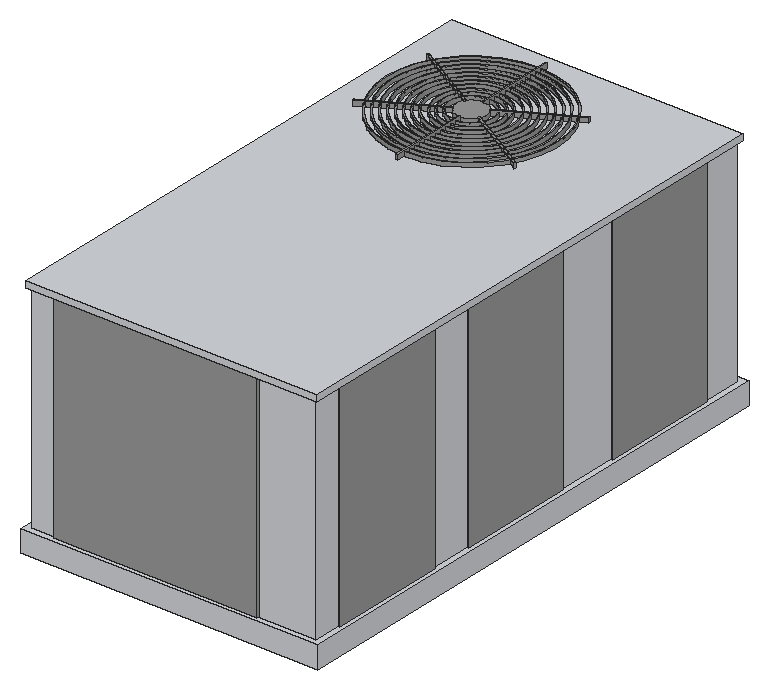
Revit family "RTU-2", category Mechanical Equipment, host Face, Revit 2025
Family settings
  Host = Face
  Round Connector Dimension = Use Diameter
  Classification = None
  Part Type = Normal
  Cut with Voids When Loaded = No
  Maintain Annotation Orientation = No
  Shared = No
  Room Calculation Point = No
Parameters (values of type "LCH 072 H4E E 1Y")
  Width = 47"
  URL = "https://tech.lennoxintl.com/C03e7o14l/VIu12Ch2uV/ehb_lch_abox_2103.pdf"
  Model = "LCH 072 H4E E 1Y"
  Manufacturer = "LENNOX"
  Length = 85 1/4"
  Grill Material = Steel, Paint Finish, Dark Gray
  Default Elevation = 48"
Reference planes (in)
  plane 1 "Center (Front/Back)": y = 0
  plane 2: z = 0
  plane 3 "Center (Left/Right)": x = 0
  plane 4: x = -30.90625
  plane 5: x = -31.90625
  plane 6: x = -32.90625
  plane 7: x = -33.90625
  plane 8: x = -34.90625
  plane 9: x = -35.90625
  plane 10: x = -36.90625
  plane 11: x = -37.90625
  plane 12: x = -38.90625
  plane 13: x = -39.90625
  plane 14: x = -40.90625
  plane 15: x = -42.34375
  plane 16: x = -41.03125
  plane 17: x = -41.90625
  plane 18: x = -41.90567
  plane 19: y = 22.75058
  plane 20: y = 21.75058
  plane 21: y = 20.75058
  plane 22: y = 19.75058
  plane 23: y = 18.75058
  plane 24: y = 17.75058
  plane 25: y = 16.75058
  plane 26: y = 15.75058
  plane 27: y = 14.75058
  plane 28: y = 13.75058
  plane 29: y = 12.75058
  plane 30: y = 11.31308
  plane 31: y = 12.62558
  plane 32: y = 11.75058
  plane 33: y = 11.75117
  plane 34: through (-19.01548, 19.50279, 94.70355) normal (0.866, 0.5, 0)
  plane 35: through (-17.13782, 18.87558, 94.70355) normal (-0.866, -0.5, 0)
  plane 36: through (6.39048, 19.50279, 94.70355) normal (0.866, -0.5, 0)
  plane 37: through (4.51282, 18.87558, 94.70355) normal (-0.866, 0.5, 0)
  plane 38: y = 38.93808
  plane 39: y = 37.62558
  plane 40: through (-19.01548, 30.74838, 94.70355) normal (-0.866, 0.5, 0)
  plane 41: through (-17.13782, 31.37558, 94.70355) normal (0.866, -0.5, 0)
  plane 42: through (6.39048, 30.74838, 94.70355) normal (-0.866, -0.5, 0)
  plane 43: through (4.51282, 31.37558, 94.70355) normal (0.866, 0.5, 0)
  plane 44: through (-34.15405, 50.35923, 110.75) normal (0.5, -0.866, 0)
  plane 45: through (-34.78125, 48.48157, 110.75) normal (-0.5, 0.866, 0)
  plane 46: through (-34.15405, 24.95327, 110.75) normal (-0.5, -0.866, 0)
  plane 47: through (-34.78125, 26.83093, 110.75) normal (0.5, 0.866, 0)
  plane 48: x = -14.71875
  plane 49: x = -16.03125
  plane 50: through (-22.90845, 50.35923, 110.75) normal (0.5, 0.866, 0)
  plane 51: through (-22.28125, 48.48157, 110.75) normal (-0.5, -0.866, 0)
  plane 52: through (-22.90845, 24.95327, 110.75) normal (-0.5, 0.866, 0)
  plane 53: through (-22.28125, 26.83093, 110.75) normal (0.5, -0.866, 0)
  plane 54: y = 16.875
  plane 55: x = 14
  plane 56: y = -16.125
  plane 57: x = 16.875
  plane 58: y = -0.75
  plane 59: x = -8.5
  plane 60: y = -31.75
  plane 61: x = -3
Forms (in)
  Extrusion 1, solid
    sketch origin (0, 0, 0) x (1, 0, 0) y (0, 1, 0)
      loop
        line (-23.5, 42.625) -> (-23.5, -42.625) -> (23.5, -42.625) -> (23.5, 42.625) -> (-23.5, 42.625)
    from 0 to 3.5
  Extrusion 2, solid, material "Steel, Paint Finish, Dark Gray" <- "Grill Material", not visible
    sketch origin (0, 0, 54.625) x (1, 0, 0) y (0, 1, 0)
      loop
        circle (-28.53125, 37.65625) r 2.375
      loop
        circle (-28.53125, 37.65625) r 3.375
      loop
        circle (-28.53125, 37.65625) r 3.5
      loop
        circle (-28.53125, 37.65625) r 4.375
      loop
        circle (-28.53125, 37.65625) r 5.25
      loop
        circle (-28.53125, 37.65625) r 4.5
      loop
        circle (-28.53125, 37.65625) r 5.375
      loop
        circle (-28.53125, 37.65625) r 6.375
      loop
        circle (-28.53125, 37.65625) r 7.375
      loop
        circle (-28.53125, 37.65625) r 9.375
      loop
        circle (-28.53125, 37.65625) r 10.375
      loop
        circle (-28.53125, 37.65625) r 11.375
      loop
        circle (-28.53125, 37.65625) r 12.375
      loop
        circle (-28.53125, 37.65625) r 12.5
      loop
        circle (-28.53125, 37.65625) r 7.5
      loop
        circle (-28.53125, 37.65625) r 9.5
      loop
        circle (-28.53125, 37.65625) r 10.5
      loop
        circle (-28.53125, 37.65625) r 11.5
      loop
        circle (-28.53125, 37.65625) r 8.375
      loop
        circle (-28.53125, 37.65625) r 8.5
      loop
        circle (-28.53125, 37.65625) r 6.5
      loop
        circle (-28.53125, 37.65625) r 13.375
      loop
        circle (-28.53125, 37.65625) r 13.5
    from 0 to 0.625
  Extrusion 3, solid, material "Steel, Paint Finish, Dark Gray" <- "Grill Material", not visible
    sketch origin (0, 0, 55.75) x (1, 0, 0) y (0, 1, 0)
      loop
        line (-43.28067, 37.78125) -> (-43.28067, 37.53125) -> (-30.90296, 37.53125)
        arc (-30.90296, 37.53125) -> (-30.90543, 37.59373) -> (-30.90625, 37.65625) r 2.375
        arc (-30.90625, 37.65625) -> (-30.90543, 37.71877) -> (-30.90296, 37.78125) r 2.375
        line (-30.90296, 37.78125) -> (-43.28067, 37.78125)
    from -1.125 to -0.3427
  Extrusion 4, solid, material "Steel, Paint Finish, Dark Gray" <- "Grill Material"
    sketch origin (31.34375, 53.65683, 38.57855) x (0, 1, 0) y (-1, 0, 0)
      loop
        circle (-28.53125, 37.65625) r 2.375
      loop
        circle (-28.53125, 37.65625) r 3.375
      loop
        circle (-28.53125, 37.65625) r 3.5
      loop
        circle (-28.53125, 37.65625) r 4.375
      loop
        circle (-28.53125, 37.65625) r 5.25
      loop
        circle (-28.53125, 37.65625) r 4.5
      loop
        circle (-28.53125, 37.65625) r 5.375
      loop
        circle (-28.53125, 37.65625) r 6.375
      loop
        circle (-28.53125, 37.65625) r 7.375
      loop
        circle (-28.53125, 37.65625) r 9.375
      loop
        circle (-28.53125, 37.65625) r 10.375
      loop
        circle (-28.53125, 37.65625) r 11.375
      loop
        circle (-28.53125, 37.65625) r 12.375
      loop
        circle (-28.53125, 37.65625) r 12.5
      loop
        circle (-28.53125, 37.65625) r 7.5
      loop
        circle (-28.53125, 37.65625) r 9.5
      loop
        circle (-28.53125, 37.65625) r 10.5
      loop
        circle (-28.53125, 37.65625) r 11.5
      loop
        circle (-28.53125, 37.65625) r 8.375
      loop
        circle (-28.53125, 37.65625) r 8.5
      loop
        circle (-28.53125, 37.65625) r 6.5
      loop
        circle (-28.53125, 37.65625) r 13.375
      loop
        circle (-28.53125, 37.65625) r 13.5
    from 0 to 0.625
  Extrusion 5, solid, material "Steel, Paint Finish, Dark Gray" <- "Grill Material"
    sketch origin (31.34375, 53.65683, 39.70355) x (0, 1, 0) y (-1, 0, 0)
      loop
        line (-43.28067, 37.78125) -> (-43.28067, 37.53125) -> (-30.90296, 37.53125)
        arc (-30.90296, 37.53125) -> (-30.90543, 37.59373) -> (-30.90625, 37.65625) r 2.375
        arc (-30.90625, 37.65625) -> (-30.90543, 37.71877) -> (-30.90296, 37.78125) r 2.375
        line (-30.90296, 37.78125) -> (-43.28067, 37.78125)
    from -1.125 to -0.3427
  Extrusion 6, solid, material "Steel, Paint Finish, Dark Gray" <- "Grill Material"
    sketch origin (37.22441, 6.77994, 39.70355) x (0.866025, 0.5, 0) y (-0.5, 0.866025, 0)
      loop
        line (-43.28067, 37.78125) -> (-43.28067, 37.53125) -> (-30.90296, 37.53125)
        arc (-30.90296, 37.53125) -> (-30.90543, 37.59373) -> (-30.90625, 37.65625) r 2.375
        arc (-30.90625, 37.65625) -> (-30.90543, 37.71877) -> (-30.90296, 37.78125) r 2.375
        line (-30.90296, 37.78125) -> (-43.28067, 37.78125)
    from -1.125 to -0.3427
  Extrusion 7, solid, material "Steel, Paint Finish, Dark Gray" <- "Grill Material"
    sketch origin (-49.84941, 6.77994, 39.70355) x (-0.866025, 0.5, 0) y (-0.5, -0.866025, 0)
      loop
        line (-43.28067, -37.78125) -> (-30.90296, -37.78125)
        arc (-30.90296, -37.78125) -> (-30.90543, -37.71877) -> (-30.90625, -37.65625) r 2.375
        arc (-30.90625, -37.65625) -> (-30.90543, -37.59373) -> (-30.90296, -37.53125) r 2.375
        line (-30.90296, -37.53125) -> (-43.28067, -37.53125) -> (-43.28067, -37.78125)
    from -1.125 to -0.3427
  Extrusion 8, solid, material "Steel, Paint Finish, Dark Gray" <- "Grill Material"
    sketch origin (31.34375, -3.40567, 39.70355) x (0, -1, 0) y (1, 0, 0)
      loop
        line (-43.28067, -37.78125) -> (-30.90296, -37.78125)
        arc (-30.90296, -37.78125) -> (-30.90543, -37.71877) -> (-30.90625, -37.65625) r 2.375
        arc (-30.90625, -37.65625) -> (-30.90543, -37.59373) -> (-30.90296, -37.53125) r 2.375
        line (-30.90296, -37.53125) -> (-43.28067, -37.53125) -> (-43.28067, -37.78125)
    from -1.125 to -0.3427
  Extrusion 9, solid, material "Steel, Paint Finish, Dark Gray" <- "Grill Material"
    sketch origin (37.22441, 43.47123, 39.70355) x (0.866025, -0.5, 0) y (0.5, 0.866025, 0)
      loop
        line (-43.28067, -37.78125) -> (-30.90296, -37.78125)
        arc (-30.90296, -37.78125) -> (-30.90543, -37.71877) -> (-30.90625, -37.65625) r 2.375
        arc (-30.90625, -37.65625) -> (-30.90543, -37.59373) -> (-30.90296, -37.53125) r 2.375
        line (-30.90296, -37.53125) -> (-43.28067, -37.53125) -> (-43.28067, -37.78125)
    from -1.125 to -0.3427
  Extrusion 10, solid, material "Steel, Paint Finish, Dark Gray" <- "Grill Material"
    sketch origin (-49.84941, 43.47123, 39.70355) x (-0.866025, -0.5, 0) y (0.5, -0.866025, 0)
      loop
        line (-43.28067, 37.78125) -> (-43.28067, 37.53125) -> (-30.90296, 37.53125)
        arc (-30.90296, 37.53125) -> (-30.90543, 37.59373) -> (-30.90625, 37.65625) r 2.375
        arc (-30.90625, 37.65625) -> (-30.90543, 37.71877) -> (-30.90296, 37.78125) r 2.375
        line (-30.90296, 37.78125) -> (-43.28067, 37.78125)
    from -1.125 to -0.3427
  Extrusion 11, solid, material "Steel, Paint Finish, Dark Gray" <- "Grill Material", not visible
    sketch origin (-46.87689, -5.88066, 55.75) x (0.5, -0.866025, 0) y (0.866025, 0.5, 0)
      loop
        line (-43.28067, 37.78125) -> (-43.28067, 37.53125) -> (-30.90296, 37.53125)
        arc (-30.90296, 37.53125) -> (-30.90543, 37.59373) -> (-30.90625, 37.65625) r 2.375
        arc (-30.90625, 37.65625) -> (-30.90543, 37.71877) -> (-30.90296, 37.78125) r 2.375
        line (-30.90296, 37.78125) -> (-43.28067, 37.78125)
    from -1.125 to -0.3427
  Extrusion 12, solid, material "Steel, Paint Finish, Dark Gray" <- "Grill Material", not visible
    sketch origin (-46.87689, 81.19316, 55.75) x (0.5, 0.866025, 0) y (-0.866025, 0.5, 0)
      loop
        line (-43.28067, -37.78125) -> (-30.90296, -37.78125)
        arc (-30.90296, -37.78125) -> (-30.90543, -37.71877) -> (-30.90625, -37.65625) r 2.375
        arc (-30.90625, -37.65625) -> (-30.90543, -37.59373) -> (-30.90296, -37.53125) r 2.375
        line (-30.90296, -37.53125) -> (-43.28067, -37.53125) -> (-43.28067, -37.78125)
    from -1.125 to -0.3427
  Extrusion 13, solid, material "Steel, Paint Finish, Dark Gray" <- "Grill Material", not visible
    sketch origin (-57.0625, 0, 55.75) x (-1, 0, 0) y (0, -1, 0)
      loop
        line (-43.28067, -37.78125) -> (-30.90296, -37.78125)
        arc (-30.90296, -37.78125) -> (-30.90543, -37.71877) -> (-30.90625, -37.65625) r 2.375
        arc (-30.90625, -37.65625) -> (-30.90543, -37.59373) -> (-30.90296, -37.53125) r 2.375
        line (-30.90296, -37.53125) -> (-43.28067, -37.53125) -> (-43.28067, -37.78125)
    from -1.125 to -0.3427
  Extrusion 14, solid, material "Steel, Paint Finish, Dark Gray" <- "Grill Material", not visible
    sketch origin (-10.18561, -5.88066, 55.75) x (-0.5, -0.866025, 0) y (0.866025, -0.5, 0)
      loop
        line (-43.28067, -37.78125) -> (-30.90296, -37.78125)
        arc (-30.90296, -37.78125) -> (-30.90543, -37.71877) -> (-30.90625, -37.65625) r 2.375
        arc (-30.90625, -37.65625) -> (-30.90543, -37.59373) -> (-30.90296, -37.53125) r 2.375
        line (-30.90296, -37.53125) -> (-43.28067, -37.53125) -> (-43.28067, -37.78125)
    from -1.125 to -0.3427
  Extrusion 15, solid, material "Steel, Paint Finish, Dark Gray" <- "Grill Material", not visible
    sketch origin (-10.18561, 81.19316, 55.75) x (-0.5, 0.866025, 0) y (-0.866025, -0.5, 0)
      loop
        line (-43.28067, 37.78125) -> (-43.28067, 37.53125) -> (-30.90296, 37.53125)
        arc (-30.90296, 37.53125) -> (-30.90543, 37.59373) -> (-30.90625, 37.65625) r 2.375
        arc (-30.90625, 37.65625) -> (-30.90543, 37.71877) -> (-30.90296, 37.78125) r 2.375
        line (-30.90296, 37.78125) -> (-43.28067, 37.78125)
    from -1.125 to -0.3427
  Extrusion 16, solid
    sketch origin (0, 0, 0) x (1, 0, 0) y (0, 1, 0)
      loop
        line (-22.5, 41.625) -> (-22.5, -41.625) -> (22.5, -41.625) -> (22.5, 41.625) -> (-22.5, 41.625)
    from 3.5 to 37.57855
  Extrusion 17, void
    sketch origin (0, 0, 0) x (1, 0, 0) y (0, 1, 0)
      loop
        line (-18.5, 8.25) -> (-18.5, -9.75) -> (1.5, -9.75) -> (1.5, 8.25) -> (-18.5, 8.25)
      loop
        line (-18, -26.25) -> (-18, -37.25) -> (12, -37.25) -> (12, -26.25) -> (-18, -26.25)
      loop
        arc (13.5, 20.875) -> (12.79289, 20.58211) -> (12.5, 19.875) r 1
        line (12.5, 19.875) -> (12.5, 13.875)
        arc (12.5, 13.875) -> (12.79289, 13.16789) -> (13.5, 12.875) r 1
        line (13.5, 12.875) -> (14.5, 12.875)
        arc (14.5, 12.875) -> (15.20711, 13.16789) -> (15.5, 13.875) r 1
        line (15.5, 13.875) -> (15.5, 19.875)
        arc (15.5, 19.875) -> (15.20711, 20.58211) -> (14.5, 20.875) r 1
        line (14.5, 20.875) -> (13.5, 20.875)
      loop
        circle (16.875, -16.125) r 1
    from 0 to 3.5
  Extrusion 18, solid
    sketch origin (0, 0, 0) x (1, 0, 0) y (0, 1, 0)
      loop
        line (-23, 42.125) -> (-23, -42.125) -> (23, -42.125) -> (23, 42.125) -> (-23, 42.125)
    from 37.57855 to 38.57855
  Extrusion 19, void
    sketch origin (0, 0, 0) x (0, 1, 0) y (0, 0, 1)
      loop
        line (39.875, 37.57855) -> (10.75738, 37.57855) -> (10.75738, 3.5) -> (39.875, 3.5) -> (39.875, 37.57855)
    from -23.5 to -21.24899
Cuts and joins
  Extrusion 17, Extrusion 19 cuts Extrusion 1
  Extrusion 17, Extrusion 19 cuts Extrusion 16
  Extrusion 19 cuts Extrusion 18
Dimensions and locks (in)
  equal spacing: Extrusion 1 sketch curve, plane 1 "Center (Front/Back)", Extrusion 1 sketch curve
  equal spacing: Extrusion 1 sketch curve, plane 3 "Center (Left/Right)", Extrusion 1 sketch curve
  "Width": Extrusion 1 sketch curve to Extrusion 1 sketch curve
  "Length": Extrusion 1 sketch curve to Extrusion 1 sketch curve
  Extrusion 1 to Extrusion 17 sketch curve = 5 3/8"
  Extrusion 1 to Extrusion 17 sketch curve = 5 1/2"
  Extrusion 1 to Extrusion 17 sketch curve = 5"
  Extrusion 1 to plane 54 = 25 3/4"
  plane 55 to Extrusion 1 = 9 1/2"
  plane 57 to Extrusion 1 = 6 5/8"
  plane 56 to Extrusion 1 = 26 1/2"
  nested 5 to level = 5 1/2"
  nested 5 to Extrusion 18 = 2"
  nested 6 to nested 5 = 18 3/8"
  cut or joined group of Extrusion 16, Extrusion 17, Extrusion 19 to cut or joined group of Extrusion 16, Extrusion 17, Extrusion 19 = 29.11762"
  equal spacing: group 3, group 4, group 5, group 6, group 7, group 8, group 9, group 10, group 11, group 12, group 13, group 14, group 15, group 16, group 17, group 18, group 19, group 20, group 21  (x2)
  equal spacing: group 21, group 20, group 19, group 18, group 17, group 16, group 15, group 14, group 13, group 12, group 11, group 10, group 9, group 8, group 7, group 6, group 5, group 4, group 3
  aligned and locked: plane 2 to host face
  aligned and locked: level to host face
Automatic sketch dimensions
  host sketch curve to host sketch curve = 96"  (x2)
  Extrusion 4 sketch curve to Extrusion 4 sketch curve = 0"  (x297)
  Extrusion 5 sketch curve to Extrusion 5 sketch curve = 2.37171"
  Extrusion 6 sketch curve to Extrusion 6 sketch curve = 2.37171"
  Extrusion 6 sketch curve to plane 34 = 0.93692"
  Extrusion 7 sketch curve to Extrusion 7 sketch curve = 2.37171"
  Extrusion 7 sketch curve to Extrusion 7 sketch curve = 0"  (x3)
  Extrusion 7 sketch curve to plane 36 = 0.93692"
  Extrusion 7 sketch curve to Extrusion 7 sketch curve = 1/8"
  Extrusion 8 sketch curve to Extrusion 8 sketch curve = 2.37171"
  Extrusion 8 sketch curve to plane 38 = 0.93692"
  Extrusion 9 sketch curve to Extrusion 9 sketch curve = 2.37171"
  Extrusion 9 sketch curve to Extrusion 9 sketch curve = 0"  (x3)
  Extrusion 9 sketch curve to plane 40 = 0.93692"
  Extrusion 9 sketch curve to Extrusion 9 sketch curve = 1/8"
  Extrusion 10 sketch curve to Extrusion 10 sketch curve = 2.37171"
  Extrusion 10 sketch curve to plane 42 = 0.93692"
  Extrusion 2 sketch curve to Extrusion 2 sketch curve = 0"  (x297)
  Extrusion 3 sketch curve to Extrusion 3 sketch curve = 2.37171"
  Extrusion 4 sketch curve to plane 19 = 2 3/8"
  Extrusion 5 sketch curve to Extrusion 5 sketch curve = 0"  (x3)
  Extrusion 5 sketch curve to plane 31 = 10.12829"
  Extrusion 6 sketch curve to Extrusion 6 sketch curve = 0"  (x3)
  Extrusion 6 sketch curve to plane 35 = 10.12829"
  Extrusion 6 sketch curve to Extrusion 6 sketch curve = 1/8"
  Extrusion 7 sketch curve to plane 37 = 10.12829"
  Extrusion 8 sketch curve to Extrusion 8 sketch curve = 0"  (x4)
  Extrusion 8 sketch curve to plane 39 = 10.12829"
  Extrusion 9 sketch curve to plane 41 = 10.12829"
  Extrusion 10 sketch curve to Extrusion 10 sketch curve = 0"  (x3)
  Extrusion 10 sketch curve to plane 43 = 10.12829"
  Extrusion 10 sketch curve to Extrusion 10 sketch curve = 1/8"
  Extrusion 5 sketch curve to plane 30 = 0.93692"
  Extrusion 5 sketch curve to Extrusion 5 sketch curve = 1/8"
  plane 33 to Extrusion 6 sketch curve = 5.89145"
  plane 33 to Extrusion 7 sketch curve = 12.29681"
  Extrusion 8 sketch curve to Extrusion 8 sketch curve = 1/8"
  plane 33 to Extrusion 9 sketch curve = 14.45202"
  plane 33 to Extrusion 10 sketch curve = 20.85738"
  Extrusion 2 sketch curve to plane 4 = 2 3/8"
  Extrusion 3 sketch curve to Extrusion 3 sketch curve = 0"  (x3)
  Extrusion 3 sketch curve to plane 16 = 10.12829"
  Extrusion 11 sketch curve to Extrusion 11 sketch curve = 0"  (x3)
  Extrusion 11 sketch curve to plane 45 = 10.12829"
  Extrusion 11 sketch curve to Extrusion 11 sketch curve = 1/8"
  Extrusion 12 sketch curve to Extrusion 12 sketch curve = 0"  (x2)
  Extrusion 12 sketch curve to plane 47 = 10.12829"
  Extrusion 13 sketch curve to Extrusion 13 sketch curve = 0"  (x4)
  Extrusion 13 sketch curve to plane 49 = 10.12829"
  Extrusion 14 sketch curve to Extrusion 14 sketch curve = 0"  (x2)
  Extrusion 14 sketch curve to plane 51 = 10.12829"
  Extrusion 15 sketch curve to Extrusion 15 sketch curve = 0"  (x3)
  Extrusion 15 sketch curve to plane 53 = 10.12829"
  Extrusion 15 sketch curve to Extrusion 15 sketch curve = 1/8"
  Extrusion 3 sketch curve to plane 15 = 0.93692"
  Extrusion 3 sketch curve to Extrusion 3 sketch curve = 1/8"
  plane 18 to Extrusion 11 sketch curve = 5.89145"
  plane 18 to Extrusion 12 sketch curve = 12.29681"
  Extrusion 13 sketch curve to Extrusion 13 sketch curve = 1/8"
  plane 18 to Extrusion 14 sketch curve = 14.45202"
  plane 18 to Extrusion 15 sketch curve = 20.85738"
  Extrusion 16 sketch curve to plane 3 "Center (Left/Right)" = 22 1/2"
  plane 3 "Center (Left/Right)" to Extrusion 16 sketch curve = 22 1/2"
  plane 1 "Center (Front/Back)" to Extrusion 16 sketch curve = 41 5/8"
  plane 33 to Extrusion 16 sketch curve = 29.87383"
  Extrusion 17 sketch curve to plane 56 = 0"
  Extrusion 17 sketch curve to plane 57 = 0"
  plane 3 "Center (Left/Right)" to Extrusion 17 sketch curve = 1 1/2"
  Extrusion 17 sketch curve to plane 55 = 2"
  Extrusion 17 sketch curve to plane 55 = 1 1/2"
  Extrusion 17 sketch curve to plane 55 = 1/2"  (x2)
  plane 55 to Extrusion 17 sketch curve = 1/2"  (x2)
  Extrusion 17 sketch curve to Extrusion 17 sketch curve = 1"
  Extrusion 17 sketch curve to plane 56 = 10 1/8"
  plane 56 to Extrusion 17 sketch curve = 6 3/8"
  Extrusion 17 sketch curve to plane 33 = 3.50117"
  plane 33 to Extrusion 17 sketch curve = 1.12383"
  plane 54 to Extrusion 17 sketch curve = 3"
  Extrusion 18 sketch curve to plane 3 "Center (Left/Right)" = 23"
  plane 3 "Center (Left/Right)" to Extrusion 18 sketch curve = 23"
  plane 1 "Center (Front/Back)" to Extrusion 18 sketch curve = 42 1/8"
  plane 33 to Extrusion 18 sketch curve = 30.37383"
  Extrusion 19 sketch curve to plane 33 = 0.99379"
  level to Extrusion 19 sketch curve = 3 1/2"
  plane 33 to Extrusion 19 sketch curve = 28.12383"
  Extrusion 19 sketch curve to Extrusion 19 sketch curve = 34.07855"
  radius of Extrusion 4 sketch curve = 2 3/8"
  radius of Extrusion 4 sketch curve = 3 3/8"
  radius of Extrusion 4 sketch curve = 3 1/2"
  radius of Extrusion 4 sketch curve = 4 3/8"
  radius of Extrusion 4 sketch curve = 5 1/4"
  radius of Extrusion 4 sketch curve = 4 1/2"
  radius of Extrusion 4 sketch curve = 5 3/8"
  radius of Extrusion 4 sketch curve = 6 3/8"
  radius of Extrusion 4 sketch curve = 7 3/8"
  radius of Extrusion 4 sketch curve = 9 3/8"
  radius of Extrusion 4 sketch curve = 10 3/8"
  radius of Extrusion 4 sketch curve = 11 3/8"
  radius of Extrusion 4 sketch curve = 12 3/8"
  radius of Extrusion 4 sketch curve = 12 1/2"
  radius of Extrusion 4 sketch curve = 7 1/2"
  radius of Extrusion 4 sketch curve = 9 1/2"
  radius of Extrusion 4 sketch curve = 10 1/2"
  radius of Extrusion 4 sketch curve = 11 1/2"
  radius of Extrusion 4 sketch curve = 8 3/8"
  radius of Extrusion 4 sketch curve = 8 1/2"
  radius of Extrusion 4 sketch curve = 6 1/2"
  radius of Extrusion 4 sketch curve = 13 3/8"
  radius of Extrusion 4 sketch curve = 13 1/2"
  radius of Extrusion 2 sketch curve = 2 3/8"
  radius of Extrusion 2 sketch curve = 3 3/8"
  radius of Extrusion 2 sketch curve = 3 1/2"
  radius of Extrusion 2 sketch curve = 4 3/8"
  radius of Extrusion 2 sketch curve = 5 1/4"
  radius of Extrusion 2 sketch curve = 4 1/2"
  radius of Extrusion 2 sketch curve = 5 3/8"
  radius of Extrusion 2 sketch curve = 6 3/8"
  radius of Extrusion 2 sketch curve = 7 3/8"
  radius of Extrusion 2 sketch curve = 9 3/8"
  radius of Extrusion 2 sketch curve = 10 3/8"
  radius of Extrusion 2 sketch curve = 11 3/8"
  radius of Extrusion 2 sketch curve = 12 3/8"
  radius of Extrusion 2 sketch curve = 12 1/2"
  radius of Extrusion 2 sketch curve = 7 1/2"
  radius of Extrusion 2 sketch curve = 9 1/2"
  radius of Extrusion 2 sketch curve = 10 1/2"
  radius of Extrusion 2 sketch curve = 11 1/2"
  radius of Extrusion 2 sketch curve = 8 3/8"
  radius of Extrusion 2 sketch curve = 8 1/2"
  radius of Extrusion 2 sketch curve = 6 1/2"
  radius of Extrusion 2 sketch curve = 13 3/8"
  radius of Extrusion 2 sketch curve = 13 1/2"
  radius of Extrusion 17 sketch curve = 1"
Nested families (in)
  nested 1: "Panel" at (22.5, -27.875, 20.53928) x (0, 1, 0) z (1, 0, 0), type "Panel"
    with Width 18 3/4", Length 34.07855"
  nested 2: "Panel" at (22.5, -2.4375, 20.53928) x (0, 1, 0) z (1, 0, 0), type "Panel"
    with Width 18 3/4", Length 34.07855"
  nested 3: "Panel" at (22.5, 26.0625, 20.53928) x (0, 1, 0) z (1, 0, 0), type "Panel"
    with Width 18 3/4", Length 34.07855"
  nested 4: "Panel" at (-2.71875, -41.625, 20.53928) x (-1, 0, 0) z (0, -1, 0), type "Panel"
    with Width 32 3/16", Length 34.07855"
  nested 5: "Panel" at (-22.5, -34.625, 20) x (0, 1, 0) z (-1, 0, 0), type "Panel"
    with Width 11", Length 29"
  nested 6: "Panel" at (-22.5, -1, 15.5) x (0, 1, 0) z (-1, 0, 0), type "Panel"
    with Width 19 1/2", Length 20"
  nested 7: "Family1" at (-21.5, 39.875, 35.95355) x (0, -1, 0) z (-1, 0, 0), type "Family1"
    with Space 233/256", built-in parameter 1001306 2.4792 (stored number, unit not read), Count 32
  nested 8: "Family1" at (-21.5, 39.875, 34.20355) x (0, -1, 0) z (-1, 0, 0), type "Family1"
    with Space 233/256", built-in parameter 1001306 2.4792 (stored number, unit not read), Count 32
  nested 9: "Family1" at (-21.5, 39.875, 32.45355) x (0, -1, 0) z (-1, 0, 0), type "Family1"
    with Space 233/256", built-in parameter 1001306 2.4792 (stored number, unit not read), Count 32
  nested 10: "Family1" at (-21.5, 39.875, 30.70355) x (0, -1, 0) z (-1, 0, 0), type "Family1"
    with Space 233/256", built-in parameter 1001306 2.4792 (stored number, unit not read), Count 32
  nested 11: "Family1" at (-21.5, 39.875, 28.95355) x (0, -1, 0) z (-1, 0, 0), type "Family1"
    with Space 233/256", built-in parameter 1001306 2.4792 (stored number, unit not read), Count 32
  nested 12: "Family1" at (-21.5, 39.875, 27.20355) x (0, -1, 0) z (-1, 0, 0), type "Family1"
    with Space 233/256", built-in parameter 1001306 2.4792 (stored number, unit not read), Count 32
  nested 13: "Family1" at (-21.5, 39.875, 25.45355) x (0, -1, 0) z (-1, 0, 0), type "Family1"
    with Space 233/256", built-in parameter 1001306 2.4792 (stored number, unit not read), Count 32
  nested 14: "Family1" at (-21.5, 39.875, 23.70355) x (0, -1, 0) z (-1, 0, 0), type "Family1"
    with Space 233/256", built-in parameter 1001306 2.4792 (stored number, unit not read), Count 32
  nested 15: "Family1" at (-21.5, 39.875, 21.95355) x (0, -1, 0) z (-1, 0, 0), type "Family1"
    with Space 233/256", built-in parameter 1001306 2.4792 (stored number, unit not read), Count 32
  nested 16: "Family1" at (-21.5, 39.875, 20.20355) x (0, -1, 0) z (-1, 0, 0), type "Family1"
    with Space 233/256", built-in parameter 1001306 2.4792 (stored number, unit not read), Count 32
  nested 17: "Family1" at (-21.5, 39.875, 18.45355) x (0, -1, 0) z (-1, 0, 0), type "Family1"
    with Space 233/256", built-in parameter 1001306 2.4792 (stored number, unit not read), Count 32
  nested 18: "Family1" at (-21.5, 39.875, 16.70355) x (0, -1, 0) z (-1, 0, 0), type "Family1"
    with Space 233/256", built-in parameter 1001306 2.4792 (stored number, unit not read), Count 32
  nested 19: "Family1" at (-21.5, 39.875, 14.95355) x (0, -1, 0) z (-1, 0, 0), type "Family1"
    with Space 233/256", built-in parameter 1001306 2.4792 (stored number, unit not read), Count 32
  nested 20: "Family1" at (-21.5, 39.875, 13.20355) x (0, -1, 0) z (-1, 0, 0), type "Family1"
    with Space 233/256", built-in parameter 1001306 2.4792 (stored number, unit not read), Count 32
  nested 21: "Family1" at (-21.5, 39.875, 11.45355) x (0, -1, 0) z (-1, 0, 0), type "Family1"
    with Space 233/256", built-in parameter 1001306 2.4792 (stored number, unit not read), Count 32
  nested 22: "Family1" at (-21.5, 39.875, 9.70355) x (0, -1, 0) z (-1, 0, 0), type "Family1"
    with Space 233/256", built-in parameter 1001306 2.4792 (stored number, unit not read), Count 32
  nested 23: "Family1" at (-21.5, 39.875, 7.95355) x (0, -1, 0) z (-1, 0, 0), type "Family1"
    with Space 233/256", built-in parameter 1001306 2.4792 (stored number, unit not read), Count 32
  nested 24: "Family1" at (-21.5, 39.875, 6.20355) x (0, -1, 0) z (-1, 0, 0), type "Family1"
    with Space 233/256", built-in parameter 1001306 2.4792 (stored number, unit not read), Count 32
  nested 25: "Family1" at (-21.5, 39.875, 4.45355) x (0, -1, 0) z (-1, 0, 0), type "Family1"
    with Space 233/256", built-in parameter 1001306 2.4792 (stored number, unit not read), Count 32
Connectors (in)
  hvac at (-8.5, -0.75, 3.5)
    settings: on cut or joined group of Extrusion 1, Extrusion 17, Extrusion 19, index 1, duct flow 0 CFM, flow factor 0, pres drop 0.00 in-wg, loss coef 0, conn angle 0.00°, conn width 20", conn height 18", conn diameter 24", duct sys type 1, conn prof type 1, flow config 0, flow direction 0, loss method 0, conn ref index -1, conn util no, is conn primary yes, conn desc "supply"
  hvac at (-3, -31.75, 3.5)
    settings: on cut or joined group of Extrusion 1, Extrusion 17, Extrusion 19, index 2, duct flow 0 CFM, flow factor 0, pres drop 0.00 in-wg, loss coef 0, conn angle 0.00°, conn width 30", conn height 11", conn diameter 24", duct sys type 2, conn prof type 1, flow config 0, flow direction 0, loss method 0, conn ref index -1, conn util no, is conn primary no, conn desc "return"
Definition of nested family "Panel"
  Parameters (values of type "Panel")
    Width [instance] = 21 9/16"
    Material = none
    Length [instance] = 49 7/16"
    Default Elevation = 48"
  Reference planes (in)
    plane 1 "Center (Front/Back)": y = 0
    plane 2: z = 0
    plane 3 "Center (Left/Right)": x = 0
    plane 4: z = 0.25
    plane 5: x = -10.78125
    plane 6: x = 10.78125
    plane 7: y = 24.71875
    plane 8: y = -24.71875
  Forms (in)
    Extrusion 1, solid
      sketch origin (0, 0, 0) x (1, 0, 0) y (0, 1, 0)
        loop
          line (-48, 48) -> (-48, -48) -> (48, -48) -> (48, 48) -> (-48, 48)
      from 0 to -12
    Extrusion 2, solid, material <- "Material"
      sketch origin (0, 0, 0) x (1, 0, 0) y (0, 1, 0)
        loop
          line (-10.78125, 24.71875) -> (-10.78125, -24.71875) -> (10.78125, -24.71875) -> (10.78125, 24.71875) -> (-10.78125, 24.71875)
      from 0 to 0.25
  Dimensions and locks (in)
    plane 4 to plane 2 = 1/4"
    equal spacing: plane 5, plane 3 "Center (Left/Right)", plane 6
    equal spacing: plane 7, plane 1 "Center (Front/Back)", plane 8
    "Length": plane 7 to plane 8
    "Width": plane 5 to plane 6
    aligned and locked: plane 2 to Extrusion 1
    aligned and locked: level to Extrusion 1
    aligned and locked: plane 4 to Extrusion 2
    aligned and locked: Extrusion 2 to plane 6
    aligned and locked: Extrusion 2 to plane 5
    aligned and locked: plane 8 to Extrusion 2
    aligned and locked: plane 7 to Extrusion 2
  Automatic sketch dimensions
    Extrusion 1 sketch curve to Extrusion 1 sketch curve = 96"  (x2)
    plane 5 to Extrusion 2 sketch curve = 0"
    Extrusion 2 sketch curve to plane 6 = 0"
    plane 1 "Center (Front/Back)" to Extrusion 2 sketch curve = 24 23/32"
    Extrusion 2 sketch curve to plane 1 "Center (Front/Back)" = 24 23/32"
Definition of nested family "Family1"
  Parameters (values of type "Family1")
    Space [instance] = 233/256"
    built-in parameter 1001306 [instance] = 51"
    Depth = 1"
    Default Elevation = 0"
    Count [instance] = rounddown([built-in parameter 1001306] / Space)  # 56
  Reference planes (in)
    plane 1 "Center (Front/Back)": y = 0
    plane 2: z = 0
    plane 3 "Left": x = 0
    plane 4 "Right": x = 51
    plane 5: y = 1.25
    plane 6: x = 0.45496
    plane 7: z = 1
    plane 8: y = 1.25
    plane 9: x = 1.36489
    plane 10: y = 1.25
    plane 11: x = 2.27481
    plane 12: y = 1.25
    plane 13: x = 3.18474
    plane 14: x = 0.90993
    plane 15: y = 1.25
    plane 16: x = 4.09467
    plane 17: y = 1.25
    plane 18: x = 5.00459
    plane 19: y = 1.25
    plane 20: x = 5.91452
    plane 21: y = 1.25
    plane 22: x = 6.82444
    plane 23: y = 1.25
    plane 24: x = 7.73437
    plane 25: y = 1.25
    plane 26: x = 8.64429
    plane 27: y = 1.25
    plane 28: x = 9.55422
    plane 29: y = 1.25
    plane 30: x = 10.46414
    plane 31: y = 1.25
    plane 32: x = 11.37407
    plane 33: y = 1.25
    plane 34: x = 12.284
    plane 35: y = 1.25
    plane 36: x = 13.19392
    plane 37: y = 1.25
    plane 38: x = 14.10385
    plane 39: y = 1.25
    plane 40: x = 15.01377
    plane 41: y = 1.25
    plane 42: x = 15.9237
    plane 43: y = 1.25
    plane 44: x = 16.83362
    plane 45: y = 1.25
    plane 46: x = 17.74355
    plane 47: y = 1.25
    plane 48: x = 18.65347
    plane 49: y = 1.25
    plane 50: x = 19.5634
    plane 51: y = 1.25
    plane 52: x = 20.47333
    plane 53: y = 1.25
    plane 54: x = 21.38325
    plane 55: y = 1.25
    plane 56: x = 22.29318
    plane 57: y = 1.25
    plane 58: x = 23.2031
    plane 59: y = 1.25
    plane 60: x = 24.11303
    plane 61: y = 1.25
    plane 62: x = 25.02295
    plane 63: y = 1.25
    plane 64: x = 25.93288
    plane 65: y = 1.25
    plane 66: x = 26.8428
    plane 67: y = 1.25
    plane 68: x = 27.75273
    plane 69: y = 1.25
    plane 70: x = 28.66266
    plane 71: y = 1.25
    plane 72: x = 29.57258
    plane 73: y = 1.25
    plane 74: x = 30.48251
    plane 75: y = 1.25
    plane 76: x = 31.39243
    plane 77: y = 1.25
    plane 78: x = 32.30236
    plane 79: y = 1.25
    plane 80: x = 33.21228
    plane 81: y = 1.25
    plane 82: x = 34.12221
    plane 83: y = 1.25
    plane 84: x = 35.03214
    plane 85: y = 1.25
    plane 86: x = 35.94206
    plane 87: y = 1.25
    plane 88: x = 36.85199
    plane 89: y = 1.25
    plane 90: x = 37.76191
    plane 91: y = 1.25
    plane 92: x = 38.67184
    plane 93: y = 1.25
    plane 94: x = 39.58176
    plane 95: y = 1.25
    plane 96: x = 40.49169
    plane 97: y = 1.25
    plane 98: x = 41.40161
    plane 99: y = 1.25
    plane 100: x = 42.31154
    plane 101: y = 1.25
    plane 102: x = 43.22147
    plane 103: y = 1.25
    plane 104: x = 44.13139
    plane 105: y = 1.25
    plane 106: x = 45.04132
    plane 107: y = 1.25
    plane 108: x = 45.95124
    plane 109: y = 1.25
    plane 110: x = 46.86117
    plane 111: y = 1.25
    plane 112: x = 47.77109
    plane 113: y = 1.25
    plane 114: x = 48.68102
    plane 115: y = 1.25
    plane 116: x = 49.59094
    plane 117: y = 1.25
    plane 118: x = 50.50087
  Forms (in)
    Extrusion 1, solid
      sketch origin (0, 0, 0) x (1, 0, 0) y (0, 1, 0)
        loop
          line (0, 0) -> (0.06651, 0) -> (0.45496, 1.06726) -> (0.84341, 0) -> (0.90993, 0) -> (0.45496, 1.25) -> (0, 0)
      from 0 to 1
    Extrusion 2, solid
      sketch origin (0.90993, 0, 0) x (1, 0, 0) y (0, 1, 0)
        loop
          line (0, 0) -> (0.06651, 0) -> (0.45496, 1.06726) -> (0.84341, 0) -> (0.90993, 0) -> (0.45496, 1.25) -> (0, 0)
      from 0 to 1
    Extrusion 3, solid
      sketch origin (1.81985, 0, 0) x (1, 0, 0) y (0, 1, 0)
        loop
          line (0, 0) -> (0.06651, 0) -> (0.45496, 1.06726) -> (0.84341, 0) -> (0.90993, 0) -> (0.45496, 1.25) -> (0, 0)
      from 0 to 1
    Extrusion 4, solid
      sketch origin (2.72978, 0, 0) x (1, 0, 0) y (0, 1, 0)
        loop
          line (0, 0) -> (0.06651, 0) -> (0.45496, 1.06726) -> (0.84341, 0) -> (0.90993, 0) -> (0.45496, 1.25) -> (0, 0)
      from 0 to 1
    Extrusion 5, solid
      sketch origin (3.6397, 0, 0) x (1, 0, 0) y (0, 1, 0)
        loop
          line (0, 0) -> (0.06651, 0) -> (0.45496, 1.06726) -> (0.84341, 0) -> (0.90993, 0) -> (0.45496, 1.25) -> (0, 0)
      from 0 to 1
    Extrusion 6, solid
      sketch origin (4.54963, 0, 0) x (1, 0, 0) y (0, 1, 0)
        loop
          line (0, 0) -> (0.06651, 0) -> (0.45496, 1.06726) -> (0.84341, 0) -> (0.90993, 0) -> (0.45496, 1.25) -> (0, 0)
      from 0 to 1
    Extrusion 7, solid
      sketch origin (5.45955, 0, 0) x (1, 0, 0) y (0, 1, 0)
        loop
          line (0, 0) -> (0.06651, 0) -> (0.45496, 1.06726) -> (0.84341, 0) -> (0.90993, 0) -> (0.45496, 1.25) -> (0, 0)
      from 0 to 1
    Extrusion 8, solid
      sketch origin (6.36948, 0, 0) x (1, 0, 0) y (0, 1, 0)
        loop
          line (0, 0) -> (0.06651, 0) -> (0.45496, 1.06726) -> (0.84341, 0) -> (0.90993, 0) -> (0.45496, 1.25) -> (0, 0)
      from 0 to 1
    Extrusion 9, solid
      sketch origin (7.2794, 0, 0) x (1, 0, 0) y (0, 1, 0)
        loop
          line (0, 0) -> (0.06651, 0) -> (0.45496, 1.06726) -> (0.84341, 0) -> (0.90993, 0) -> (0.45496, 1.25) -> (0, 0)
      from 0 to 1
    Extrusion 10, solid
      sketch origin (8.18933, 0, 0) x (1, 0, 0) y (0, 1, 0)
        loop
          line (0, 0) -> (0.06651, 0) -> (0.45496, 1.06726) -> (0.84341, 0) -> (0.90993, 0) -> (0.45496, 1.25) -> (0, 0)
      from 0 to 1
    Extrusion 11, solid
      sketch origin (9.09926, 0, 0) x (1, 0, 0) y (0, 1, 0)
        loop
          line (0, 0) -> (0.06651, 0) -> (0.45496, 1.06726) -> (0.84341, 0) -> (0.90993, 0) -> (0.45496, 1.25) -> (0, 0)
      from 0 to 1
    Extrusion 12, solid
      sketch origin (10.00918, 0, 0) x (1, 0, 0) y (0, 1, 0)
        loop
          line (0, 0) -> (0.06651, 0) -> (0.45496, 1.06726) -> (0.84341, 0) -> (0.90993, 0) -> (0.45496, 1.25) -> (0, 0)
      from 0 to 1
    Extrusion 13, solid
      sketch origin (10.91911, 0, 0) x (1, 0, 0) y (0, 1, 0)
        loop
          line (0, 0) -> (0.06651, 0) -> (0.45496, 1.06726) -> (0.84341, 0) -> (0.90993, 0) -> (0.45496, 1.25) -> (0, 0)
      from 0 to 1
    Extrusion 14, solid
      sketch origin (11.82903, 0, 0) x (1, 0, 0) y (0, 1, 0)
        loop
          line (0, 0) -> (0.06651, 0) -> (0.45496, 1.06726) -> (0.84341, 0) -> (0.90993, 0) -> (0.45496, 1.25) -> (0, 0)
      from 0 to 1
    Extrusion 15, solid
      sketch origin (12.73896, 0, 0) x (1, 0, 0) y (0, 1, 0)
        loop
          line (0, 0) -> (0.06651, 0) -> (0.45496, 1.06726) -> (0.84341, 0) -> (0.90993, 0) -> (0.45496, 1.25) -> (0, 0)
      from 0 to 1
    Extrusion 16, solid
      sketch origin (13.64888, 0, 0) x (1, 0, 0) y (0, 1, 0)
        loop
          line (0, 0) -> (0.06651, 0) -> (0.45496, 1.06726) -> (0.84341, 0) -> (0.90993, 0) -> (0.45496, 1.25) -> (0, 0)
      from 0 to 1
    Extrusion 17, solid
      sketch origin (14.55881, 0, 0) x (1, 0, 0) y (0, 1, 0)
        loop
          line (0, 0) -> (0.06651, 0) -> (0.45496, 1.06726) -> (0.84341, 0) -> (0.90993, 0) -> (0.45496, 1.25) -> (0, 0)
      from 0 to 1
    Extrusion 18, solid
      sketch origin (15.46873, 0, 0) x (1, 0, 0) y (0, 1, 0)
        loop
          line (0, 0) -> (0.06651, 0) -> (0.45496, 1.06726) -> (0.84341, 0) -> (0.90993, 0) -> (0.45496, 1.25) -> (0, 0)
      from 0 to 1
    Extrusion 19, solid
      sketch origin (16.37866, 0, 0) x (1, 0, 0) y (0, 1, 0)
        loop
          line (0, 0) -> (0.06651, 0) -> (0.45496, 1.06726) -> (0.84341, 0) -> (0.90993, 0) -> (0.45496, 1.25) -> (0, 0)
      from 0 to 1
    Extrusion 20, solid
      sketch origin (17.28859, 0, 0) x (1, 0, 0) y (0, 1, 0)
        loop
          line (0, 0) -> (0.06651, 0) -> (0.45496, 1.06726) -> (0.84341, 0) -> (0.90993, 0) -> (0.45496, 1.25) -> (0, 0)
      from 0 to 1
    Extrusion 21, solid
      sketch origin (18.19851, 0, 0) x (1, 0, 0) y (0, 1, 0)
        loop
          line (0, 0) -> (0.06651, 0) -> (0.45496, 1.06726) -> (0.84341, 0) -> (0.90993, 0) -> (0.45496, 1.25) -> (0, 0)
      from 0 to 1
    Extrusion 22, solid
      sketch origin (19.10844, 0, 0) x (1, 0, 0) y (0, 1, 0)
        loop
          line (0, 0) -> (0.06651, 0) -> (0.45496, 1.06726) -> (0.84341, 0) -> (0.90993, 0) -> (0.45496, 1.25) -> (0, 0)
      from 0 to 1
    Extrusion 23, solid
      sketch origin (20.01836, 0, 0) x (1, 0, 0) y (0, 1, 0)
        loop
          line (0, 0) -> (0.06651, 0) -> (0.45496, 1.06726) -> (0.84341, 0) -> (0.90993, 0) -> (0.45496, 1.25) -> (0, 0)
      from 0 to 1
    Extrusion 24, solid
      sketch origin (20.92829, 0, 0) x (1, 0, 0) y (0, 1, 0)
        loop
          line (0, 0) -> (0.06651, 0) -> (0.45496, 1.06726) -> (0.84341, 0) -> (0.90993, 0) -> (0.45496, 1.25) -> (0, 0)
      from 0 to 1
    Extrusion 25, solid
      sketch origin (21.83821, 0, 0) x (1, 0, 0) y (0, 1, 0)
        loop
          line (0, 0) -> (0.06651, 0) -> (0.45496, 1.06726) -> (0.84341, 0) -> (0.90993, 0) -> (0.45496, 1.25) -> (0, 0)
      from 0 to 1
    Extrusion 26, solid
      sketch origin (22.74814, 0, 0) x (1, 0, 0) y (0, 1, 0)
        loop
          line (0, 0) -> (0.06651, 0) -> (0.45496, 1.06726) -> (0.84341, 0) -> (0.90993, 0) -> (0.45496, 1.25) -> (0, 0)
      from 0 to 1
    Extrusion 27, solid
      sketch origin (23.65807, 0, 0) x (1, 0, 0) y (0, 1, 0)
        loop
          line (0, 0) -> (0.06651, 0) -> (0.45496, 1.06726) -> (0.84341, 0) -> (0.90993, 0) -> (0.45496, 1.25) -> (0, 0)
      from 0 to 1
    Extrusion 28, solid
      sketch origin (24.56799, 0, 0) x (1, 0, 0) y (0, 1, 0)
        loop
          line (0, 0) -> (0.06651, 0) -> (0.45496, 1.06726) -> (0.84341, 0) -> (0.90993, 0) -> (0.45496, 1.25) -> (0, 0)
      from 0 to 1
    Extrusion 29, solid
      sketch origin (25.47792, 0, 0) x (1, 0, 0) y (0, 1, 0)
        loop
          line (0, 0) -> (0.06651, 0) -> (0.45496, 1.06726) -> (0.84341, 0) -> (0.90993, 0) -> (0.45496, 1.25) -> (0, 0)
      from 0 to 1
    Extrusion 30, solid
      sketch origin (26.38784, 0, 0) x (1, 0, 0) y (0, 1, 0)
        loop
          line (0, 0) -> (0.06651, 0) -> (0.45496, 1.06726) -> (0.84341, 0) -> (0.90993, 0) -> (0.45496, 1.25) -> (0, 0)
      from 0 to 1
    Extrusion 31, solid
      sketch origin (27.29777, 0, 0) x (1, 0, 0) y (0, 1, 0)
        loop
          line (0, 0) -> (0.06651, 0) -> (0.45496, 1.06726) -> (0.84341, 0) -> (0.90993, 0) -> (0.45496, 1.25) -> (0, 0)
      from 0 to 1
    Extrusion 32, solid
      sketch origin (28.20769, 0, 0) x (1, 0, 0) y (0, 1, 0)
        loop
          line (0, 0) -> (0.06651, 0) -> (0.45496, 1.06726) -> (0.84341, 0) -> (0.90993, 0) -> (0.45496, 1.25) -> (0, 0)
      from 0 to 1
    Extrusion 33, solid
      sketch origin (29.11762, 0, 0) x (1, 0, 0) y (0, 1, 0)
        loop
          line (0, 0) -> (0.06651, 0) -> (0.45496, 1.06726) -> (0.84341, 0) -> (0.90993, 0) -> (0.45496, 1.25) -> (0, 0)
      from 0 to 1
    Extrusion 34, solid
      sketch origin (30.02754, 0, 0) x (1, 0, 0) y (0, 1, 0)
        loop
          line (0, 0) -> (0.06651, 0) -> (0.45496, 1.06726) -> (0.84341, 0) -> (0.90993, 0) -> (0.45496, 1.25) -> (0, 0)
      from 0 to 1
    Extrusion 35, solid
      sketch origin (30.93747, 0, 0) x (1, 0, 0) y (0, 1, 0)
        loop
          line (0, 0) -> (0.06651, 0) -> (0.45496, 1.06726) -> (0.84341, 0) -> (0.90993, 0) -> (0.45496, 1.25) -> (0, 0)
      from 0 to 1
    Extrusion 36, solid
      sketch origin (31.8474, 0, 0) x (1, 0, 0) y (0, 1, 0)
        loop
          line (0, 0) -> (0.06651, 0) -> (0.45496, 1.06726) -> (0.84341, 0) -> (0.90993, 0) -> (0.45496, 1.25) -> (0, 0)
      from 0 to 1
    Extrusion 37, solid
      sketch origin (32.75732, 0, 0) x (1, 0, 0) y (0, 1, 0)
        loop
          line (0, 0) -> (0.06651, 0) -> (0.45496, 1.06726) -> (0.84341, 0) -> (0.90993, 0) -> (0.45496, 1.25) -> (0, 0)
      from 0 to 1
    Extrusion 38, solid
      sketch origin (33.66725, 0, 0) x (1, 0, 0) y (0, 1, 0)
        loop
          line (0, 0) -> (0.06651, 0) -> (0.45496, 1.06726) -> (0.84341, 0) -> (0.90993, 0) -> (0.45496, 1.25) -> (0, 0)
      from 0 to 1
    Extrusion 39, solid
      sketch origin (34.57717, 0, 0) x (1, 0, 0) y (0, 1, 0)
        loop
          line (0, 0) -> (0.06651, 0) -> (0.45496, 1.06726) -> (0.84341, 0) -> (0.90993, 0) -> (0.45496, 1.25) -> (0, 0)
      from 0 to 1
    Extrusion 40, solid
      sketch origin (35.4871, 0, 0) x (1, 0, 0) y (0, 1, 0)
        loop
          line (0, 0) -> (0.06651, 0) -> (0.45496, 1.06726) -> (0.84341, 0) -> (0.90993, 0) -> (0.45496, 1.25) -> (0, 0)
      from 0 to 1
    Extrusion 41, solid
      sketch origin (36.39702, 0, 0) x (1, 0, 0) y (0, 1, 0)
        loop
          line (0, 0) -> (0.06651, 0) -> (0.45496, 1.06726) -> (0.84341, 0) -> (0.90993, 0) -> (0.45496, 1.25) -> (0, 0)
      from 0 to 1
    Extrusion 42, solid
      sketch origin (37.30695, 0, 0) x (1, 0, 0) y (0, 1, 0)
        loop
          line (0, 0) -> (0.06651, 0) -> (0.45496, 1.06726) -> (0.84341, 0) -> (0.90993, 0) -> (0.45496, 1.25) -> (0, 0)
      from 0 to 1
    Extrusion 43, solid
      sketch origin (38.21687, 0, 0) x (1, 0, 0) y (0, 1, 0)
        loop
          line (0, 0) -> (0.06651, 0) -> (0.45496, 1.06726) -> (0.84341, 0) -> (0.90993, 0) -> (0.45496, 1.25) -> (0, 0)
      from 0 to 1
    Extrusion 44, solid
      sketch origin (39.1268, 0, 0) x (1, 0, 0) y (0, 1, 0)
        loop
          line (0, 0) -> (0.06651, 0) -> (0.45496, 1.06726) -> (0.84341, 0) -> (0.90993, 0) -> (0.45496, 1.25) -> (0, 0)
      from 0 to 1
    Extrusion 45, solid
      sketch origin (40.03673, 0, 0) x (1, 0, 0) y (0, 1, 0)
        loop
          line (0, 0) -> (0.06651, 0) -> (0.45496, 1.06726) -> (0.84341, 0) -> (0.90993, 0) -> (0.45496, 1.25) -> (0, 0)
      from 0 to 1
    Extrusion 46, solid
      sketch origin (40.94665, 0, 0) x (1, 0, 0) y (0, 1, 0)
        loop
          line (0, 0) -> (0.06651, 0) -> (0.45496, 1.06726) -> (0.84341, 0) -> (0.90993, 0) -> (0.45496, 1.25) -> (0, 0)
      from 0 to 1
    Extrusion 47, solid
      sketch origin (41.85658, 0, 0) x (1, 0, 0) y (0, 1, 0)
        loop
          line (0, 0) -> (0.06651, 0) -> (0.45496, 1.06726) -> (0.84341, 0) -> (0.90993, 0) -> (0.45496, 1.25) -> (0, 0)
      from 0 to 1
    Extrusion 48, solid
      sketch origin (42.7665, 0, 0) x (1, 0, 0) y (0, 1, 0)
        loop
          line (0, 0) -> (0.06651, 0) -> (0.45496, 1.06726) -> (0.84341, 0) -> (0.90993, 0) -> (0.45496, 1.25) -> (0, 0)
      from 0 to 1
    Extrusion 49, solid
      sketch origin (43.67643, 0, 0) x (1, 0, 0) y (0, 1, 0)
        loop
          line (0, 0) -> (0.06651, 0) -> (0.45496, 1.06726) -> (0.84341, 0) -> (0.90993, 0) -> (0.45496, 1.25) -> (0, 0)
      from 0 to 1
    Extrusion 50, solid
      sketch origin (44.58635, 0, 0) x (1, 0, 0) y (0, 1, 0)
        loop
          line (0, 0) -> (0.06651, 0) -> (0.45496, 1.06726) -> (0.84341, 0) -> (0.90993, 0) -> (0.45496, 1.25) -> (0, 0)
      from 0 to 1
    Extrusion 51, solid
      sketch origin (45.49628, 0, 0) x (1, 0, 0) y (0, 1, 0)
        loop
          line (0, 0) -> (0.06651, 0) -> (0.45496, 1.06726) -> (0.84341, 0) -> (0.90993, 0) -> (0.45496, 1.25) -> (0, 0)
      from 0 to 1
    Extrusion 52, solid
      sketch origin (46.4062, 0, 0) x (1, 0, 0) y (0, 1, 0)
        loop
          line (0, 0) -> (0.06651, 0) -> (0.45496, 1.06726) -> (0.84341, 0) -> (0.90993, 0) -> (0.45496, 1.25) -> (0, 0)
      from 0 to 1
    Extrusion 53, solid
      sketch origin (47.31613, 0, 0) x (1, 0, 0) y (0, 1, 0)
        loop
          line (0, 0) -> (0.06651, 0) -> (0.45496, 1.06726) -> (0.84341, 0) -> (0.90993, 0) -> (0.45496, 1.25) -> (0, 0)
      from 0 to 1
    Extrusion 54, solid
      sketch origin (48.22606, 0, 0) x (1, 0, 0) y (0, 1, 0)
        loop
          line (0, 0) -> (0.06651, 0) -> (0.45496, 1.06726) -> (0.84341, 0) -> (0.90993, 0) -> (0.45496, 1.25) -> (0, 0)
      from 0 to 1
    Extrusion 55, solid
      sketch origin (49.13598, 0, 0) x (1, 0, 0) y (0, 1, 0)
        loop
          line (0, 0) -> (0.06651, 0) -> (0.45496, 1.06726) -> (0.84341, 0) -> (0.90993, 0) -> (0.45496, 1.25) -> (0, 0)
      from 0 to 1
    Extrusion 56, solid
      sketch origin (50.04591, 0, 0) x (1, 0, 0) y (0, 1, 0)
        loop
          line (0, 0) -> (0.06651, 0) -> (0.45496, 1.06726) -> (0.84341, 0) -> (0.90993, 0) -> (0.45496, 1.25) -> (0, 0)
      from 0 to 1
  Lines and regions (in)
    reference lines
      curve 1: line (0, 0, 0) -> (51, 0, 0)
  Dimensions and locks (in)
    "built-in parameter 1001306": plane 3 "Left" to plane 4 "Right"
    "Depth": plane 7 to plane 2
    equal spacing: group 1, group 2, group 3, group 4, group 5, group 6, group 7, group 8, group 9, group 10, group 11, group 12, group 13, group 14, group 15, group 16, group 17, group 18, group 19, group 20, group 21, group 22, group 23, group 24, group 25, group 26, group 27, group 28, group 29, group 30, group 31, group 32, group 33, group 34, group 35, group 36, group 37, group 38, group 39, group 40, group 41, group 42, group 43, group 44, group 45, group 46, group 47, group 48, group 49, group 50, group 51, group 52, group 53, group 54, group 55, group 56  (x3)
    plane 3 "Left" to plane 14 = 0.90993"
    aligned and locked: plane 4 "Right" to curve 1
    aligned and locked: plane 1 "Center (Front/Back)" to curve 1
    aligned and locked: plane 3 "Left" to curve 1
    aligned and locked: level to plane 2
    aligned and locked: plane 7 to Extrusion 1
  Automatic sketch dimensions
    Extrusion 1 sketch curve to plane 5 = 0"
    Extrusion 1 sketch curve to plane 6 = 0"  (x2)
    Extrusion 1 sketch curve to plane 5 = 0.18274"
    Extrusion 1 sketch curve to Extrusion 1 sketch curve = 0.06651"  (x2)
    plane 6 to Extrusion 1 sketch curve = 0.45496"
    Extrusion 1 sketch curve to plane 6 = 0.38845"
    Extrusion 1 sketch curve to Extrusion 1 sketch curve = 1.06726"
    Extrusion 1 sketch curve to Extrusion 1 sketch curve = 0"
    Extrusion 2 sketch curve to plane 8 = 0"
    Extrusion 2 sketch curve to plane 9 = 0"  (x2)
    Extrusion 2 sketch curve to plane 8 = 0.18274"
    Extrusion 2 sketch curve to Extrusion 2 sketch curve = 0.06651"  (x2)
    plane 9 to Extrusion 2 sketch curve = 0.45496"
    Extrusion 2 sketch curve to plane 9 = 0.38845"
    Extrusion 2 sketch curve to Extrusion 2 sketch curve = 1.06726"
    Extrusion 2 sketch curve to Extrusion 2 sketch curve = 0"
    Extrusion 3 sketch curve to plane 10 = 0"
    Extrusion 3 sketch curve to plane 11 = 0"  (x2)
    Extrusion 3 sketch curve to plane 10 = 0.18274"
    Extrusion 3 sketch curve to Extrusion 3 sketch curve = 0.06651"  (x2)
    plane 11 to Extrusion 3 sketch curve = 0.45496"
    Extrusion 3 sketch curve to plane 11 = 0.38845"
    Extrusion 3 sketch curve to Extrusion 3 sketch curve = 1.06726"
    Extrusion 3 sketch curve to Extrusion 3 sketch curve = 0"
    Extrusion 4 sketch curve to plane 12 = 0"
    Extrusion 4 sketch curve to plane 13 = 0"  (x2)
    Extrusion 4 sketch curve to plane 12 = 0.18274"
    Extrusion 4 sketch curve to Extrusion 4 sketch curve = 0.06651"  (x2)
    plane 13 to Extrusion 4 sketch curve = 0.45496"
    Extrusion 4 sketch curve to plane 13 = 0.38845"
    Extrusion 4 sketch curve to Extrusion 4 sketch curve = 1.06726"
    Extrusion 4 sketch curve to Extrusion 4 sketch curve = 0"
    Extrusion 5 sketch curve to plane 15 = 0"
    Extrusion 5 sketch curve to plane 16 = 0"  (x2)
    Extrusion 5 sketch curve to plane 15 = 0.18274"
    Extrusion 5 sketch curve to Extrusion 5 sketch curve = 0.06651"  (x2)
    plane 16 to Extrusion 5 sketch curve = 0.45496"
    Extrusion 5 sketch curve to plane 16 = 0.38845"
    Extrusion 5 sketch curve to Extrusion 5 sketch curve = 1.06726"
    Extrusion 5 sketch curve to Extrusion 5 sketch curve = 0"
    Extrusion 6 sketch curve to plane 17 = 0"
    Extrusion 6 sketch curve to plane 18 = 0"  (x2)
    Extrusion 6 sketch curve to plane 17 = 0.18274"
    Extrusion 6 sketch curve to Extrusion 6 sketch curve = 0.06651"  (x2)
    plane 18 to Extrusion 6 sketch curve = 0.45496"
    Extrusion 6 sketch curve to plane 18 = 0.38845"
    Extrusion 6 sketch curve to Extrusion 6 sketch curve = 1.06726"
    Extrusion 6 sketch curve to Extrusion 6 sketch curve = 0"
    Extrusion 7 sketch curve to plane 19 = 0"
    Extrusion 7 sketch curve to plane 20 = 0"  (x2)
    Extrusion 7 sketch curve to plane 19 = 0.18274"
    Extrusion 7 sketch curve to Extrusion 7 sketch curve = 0.06651"  (x2)
    plane 20 to Extrusion 7 sketch curve = 0.45496"
    Extrusion 7 sketch curve to plane 20 = 0.38845"
    Extrusion 7 sketch curve to Extrusion 7 sketch curve = 1.06726"
    Extrusion 7 sketch curve to Extrusion 7 sketch curve = 0"
    Extrusion 8 sketch curve to plane 21 = 0"
    Extrusion 8 sketch curve to plane 22 = 0"  (x2)
    Extrusion 8 sketch curve to plane 21 = 0.18274"
    Extrusion 8 sketch curve to Extrusion 8 sketch curve = 0.06651"  (x2)
    plane 22 to Extrusion 8 sketch curve = 0.45496"
    Extrusion 8 sketch curve to plane 22 = 0.38845"
    Extrusion 8 sketch curve to Extrusion 8 sketch curve = 1.06726"
    Extrusion 8 sketch curve to Extrusion 8 sketch curve = 0"
    Extrusion 9 sketch curve to plane 23 = 0"
    Extrusion 9 sketch curve to plane 24 = 0"  (x2)
    Extrusion 9 sketch curve to plane 23 = 0.18274"
    Extrusion 9 sketch curve to Extrusion 9 sketch curve = 0.06651"  (x2)
    plane 24 to Extrusion 9 sketch curve = 0.45496"
    Extrusion 9 sketch curve to plane 24 = 0.38845"
    Extrusion 9 sketch curve to Extrusion 9 sketch curve = 1.06726"
    Extrusion 9 sketch curve to Extrusion 9 sketch curve = 0"
    Extrusion 10 sketch curve to plane 25 = 0"
    Extrusion 10 sketch curve to plane 26 = 0"  (x2)
    Extrusion 10 sketch curve to plane 25 = 0.18274"
    Extrusion 10 sketch curve to Extrusion 10 sketch curve = 0.06651"  (x2)
    plane 26 to Extrusion 10 sketch curve = 0.45496"
    Extrusion 10 sketch curve to plane 26 = 0.38845"
    Extrusion 10 sketch curve to Extrusion 10 sketch curve = 1.06726"
    Extrusion 10 sketch curve to Extrusion 10 sketch curve = 0"
    Extrusion 11 sketch curve to plane 27 = 0"
    Extrusion 11 sketch curve to plane 28 = 0"  (x2)
    Extrusion 11 sketch curve to plane 27 = 0.18274"
    Extrusion 11 sketch curve to Extrusion 11 sketch curve = 0.06651"  (x2)
    plane 28 to Extrusion 11 sketch curve = 0.45496"
    Extrusion 11 sketch curve to plane 28 = 0.38845"
    Extrusion 11 sketch curve to Extrusion 11 sketch curve = 1.06726"
    Extrusion 11 sketch curve to Extrusion 11 sketch curve = 0"
    Extrusion 12 sketch curve to plane 29 = 0"
    Extrusion 12 sketch curve to plane 30 = 0"  (x2)
    Extrusion 12 sketch curve to plane 29 = 0.18274"
    Extrusion 12 sketch curve to Extrusion 12 sketch curve = 0.06651"  (x2)
    plane 30 to Extrusion 12 sketch curve = 0.45496"
    Extrusion 12 sketch curve to plane 30 = 0.38845"
    Extrusion 12 sketch curve to Extrusion 12 sketch curve = 1.06726"
    Extrusion 12 sketch curve to Extrusion 12 sketch curve = 0"
    Extrusion 13 sketch curve to plane 31 = 0"
    Extrusion 13 sketch curve to plane 32 = 0"  (x2)
    Extrusion 13 sketch curve to plane 31 = 0.18274"
    Extrusion 13 sketch curve to Extrusion 13 sketch curve = 0.06651"  (x2)
    plane 32 to Extrusion 13 sketch curve = 0.45496"
    Extrusion 13 sketch curve to plane 32 = 0.38845"
    Extrusion 13 sketch curve to Extrusion 13 sketch curve = 1.06726"
    Extrusion 13 sketch curve to Extrusion 13 sketch curve = 0"
    Extrusion 14 sketch curve to plane 33 = 0"
    Extrusion 14 sketch curve to plane 34 = 0"  (x2)
    Extrusion 14 sketch curve to plane 33 = 0.18274"
    Extrusion 14 sketch curve to Extrusion 14 sketch curve = 0.06651"  (x2)
    plane 34 to Extrusion 14 sketch curve = 0.45496"
    Extrusion 14 sketch curve to plane 34 = 0.38845"
    Extrusion 14 sketch curve to Extrusion 14 sketch curve = 1.06726"
    Extrusion 14 sketch curve to Extrusion 14 sketch curve = 0"
    Extrusion 15 sketch curve to plane 35 = 0"
    Extrusion 15 sketch curve to plane 36 = 0"  (x2)
    Extrusion 15 sketch curve to plane 35 = 0.18274"
    Extrusion 15 sketch curve to Extrusion 15 sketch curve = 0.06651"  (x2)
    plane 36 to Extrusion 15 sketch curve = 0.45496"
    Extrusion 15 sketch curve to plane 36 = 0.38845"
    Extrusion 15 sketch curve to Extrusion 15 sketch curve = 1.06726"
    Extrusion 15 sketch curve to Extrusion 15 sketch curve = 0"
    Extrusion 16 sketch curve to plane 37 = 0"
    Extrusion 16 sketch curve to plane 38 = 0"  (x2)
    Extrusion 16 sketch curve to plane 37 = 0.18274"
    Extrusion 16 sketch curve to Extrusion 16 sketch curve = 0.06651"  (x2)
    plane 38 to Extrusion 16 sketch curve = 0.45496"
    Extrusion 16 sketch curve to plane 38 = 0.38845"
    Extrusion 16 sketch curve to Extrusion 16 sketch curve = 1.06726"
    Extrusion 16 sketch curve to Extrusion 16 sketch curve = 0"
    Extrusion 17 sketch curve to plane 39 = 0"
    Extrusion 17 sketch curve to plane 40 = 0"  (x2)
    Extrusion 17 sketch curve to plane 39 = 0.18274"
    Extrusion 17 sketch curve to Extrusion 17 sketch curve = 0.06651"  (x2)
    plane 40 to Extrusion 17 sketch curve = 0.45496"
    Extrusion 17 sketch curve to plane 40 = 0.38845"
    Extrusion 17 sketch curve to Extrusion 17 sketch curve = 1.06726"
